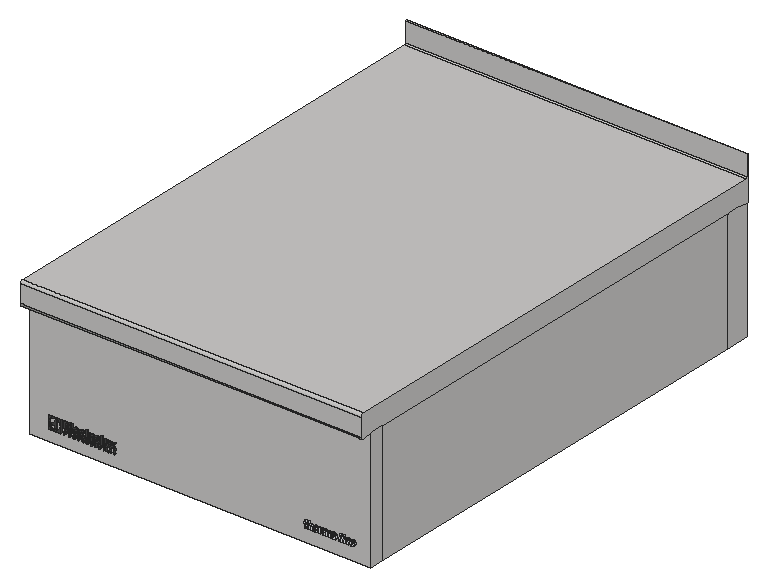
Revit family "QF_ELECTROLUXPROFESSIONAL_588565_MBNABBFOOO", category Attrezzature speciali, Revit 2020
Family settings
  Quota connettore circolare = Usa diametro
  Tipo di parte = Normale
  Basato su piano di lavoro = No
  Sempre verticale = Sì
  Taglio con vuoti quando caricato = No
  Condiviso = No
  Punto di calcolo locali = No
Parameters (values of type "Standard")
  Weight = 20.00 kg
  Watts = 0 W
  Volts = 0 V
  URL Manufacturer = "https://www.electroluxprofessional.com/"
  URL = "https://www.electroluxprofessional.com/"
  Steam Supply Size = 0"
  Steam Supply Minimum Pressure = 0.00 psi
  Steam Supply Maximum Pressure = 0.00 psi
  Steam Consumption per Hour = 0
  Refrigeration Suction Line Size = 0 mm
  Refrigeration Liquid Line Size = 0 mm
  Refrigerant Compressor Remote = yes
  Prospetto di default = 0 mm
  Phase = 0
  Modello = "MBNABBFOOO"
  Produttore = "Electrolux Professional"
  Length Actual = 600 mm  # constant formula
  Item Number = "588565"
  Hot Water Size = 0"
  Height Actual = 250 mm  # constant formula
  HP = "0 HP"
  Gas Size = 0"
  Gas KW = 0
  Gas Input Pressure = 0.0 Btu/h
  Direct Waste Size = 0"
  Descrizione = "WORK TOP,CLOSED,1-S,BACKSPL,600X850X250H"
  Depth Actual = 850 mm  # constant formula
  Cycle = 0 Hz
  Condensate Return Size = 0"
  Compressed Air Volume = 0 GPM
  Compressed Air Size = 0"
  Compressed Air Pressure = 0.00 psi
  Cold Water Size = 0"
  Accessory = yes
Reference planes
  plane 1 "BACK": y = 0
  plane 2: z = 0
  plane 3 "LEFT": x = 0
  plane 4 "RIGHT": x = 600
  plane 5 "FRONT": y = -850
  plane 6 "PLAIN": z = 900
  plane 7 "Center (Left/Right)": x = 300
  plane 8 "Center (Front/Back)": y = -425
  plane 9 "Grill": z = 888
  plane 10 "BASE": z = 650
  plane 11 "TOP": z = 938
  plane 12: x = 485
  plane 13: x = 35
Forms (mm)
  Extrusion 1, solid, material "QF_Finishes_Stainless Steel"
    sketch origin (0, 0, 650) x (0, 1, 0) y (0, 0, 1)
      loop
        line (0, 288) -> (-2, 288) -> (-2, 252)
        arc (-2, 252) -> (-2.586, 250.586) -> (-4, 250) r 2
        line (-4, 250) -> (-845, 250)
        arc (-845, 250) -> (-848.536, 248.536) -> (-850, 245) r 5
        line (-850, 245) -> (-850, 214)
        arc (-850, 214) -> (-848.571, 210.936) -> (-845.305, 210.061) r 4
        line (-845.305, 210.061) -> (-830, 212.969) -> (-20, 212.969) -> (-4.695, 210.061)
        arc (-4.695, 210.061) -> (-1.429, 210.936) -> (0, 214) r 4
        line (0, 214) -> (0, 288)
    from 0 to 600
  Extrusion 2, solid, material "QF_Finishes_Stainless Steel"
    sketch origin (300, 296.4, 1869.2) x (0, 1, 0) y (0, 0, 1)
      loop
        line (-299.4, -1009.461) -> (-316.4, -1006.231) -> (-341.4, -1006.231) -> (-341.4, -1219.2) -> (-299.4, -1219.2) -> (-299.4, -1009.461)
    from -300 to 300
  Extrusion 3, solid, material "QF_Finishes_Stainless Steel"
    sketch origin (0, 0, 650) x (0, 1, 0) y (0, 0, 1)
      loop
        line (-45, 212.969) -> (-805, 212.969) -> (-805, 0) -> (-45, 0) -> (-45, 212.969)
    from 0 to 600
  Extrusion 4, solid, material "QF_Finishes_Stainless Steel"
    sketch origin (0, 0, 0) x (0, 1, 0) y (0, 0, 1)
      loop
        line (-805, 862.969) -> (-830, 862.969) -> (-830, 650) -> (-805, 650) -> (-805, 862.969)
    from 0 to 600
Lines and regions (mm)
  symbolic lines
    curve 1: line (0, -850, 0) -> (0, 0, 0)
    curve 2: line (0, -850, 888) -> (600, -850, 888)
    curve 3: line (600, 0, 888) -> (0, 0, 888)
    curve 4: line (600, -850, 888) -> (600, 0, 888)
    curve 5: line (600, -2, 888) -> (0, -2, 888)
Dimensions and locks
  plane 3 "LEFT" to plane 4 "RIGHT" = 600 mm
  plane 5 "FRONT" to plane 1 "BACK" = 850 mm
  equal spacing: plane 3 "LEFT", plane 7 "Center (Left/Right)", plane 4 "RIGHT"
  equal spacing: plane 5 "FRONT", plane 8 "Center (Front/Back)", plane 1 "BACK"
  locked: plane 6 "PLAIN" to level at 900
  plane 6 "PLAIN" to plane 10 "BASE" = 250 mm
  plane 11 "TOP" to plane 6 "PLAIN" = 38 mm
  locked: plane 12 to plane 4 "RIGHT" at 115
  plane 13 to plane 3 "LEFT" = 35 mm
  aligned and locked: level to plane 2
  aligned and locked: Extrusion 4 to plane 3 "LEFT"
  aligned and locked: Extrusion 4 to plane 4 "RIGHT"
  aligned and locked: plane 3 "LEFT" to Extrusion 2
  aligned and locked: Extrusion 2 to plane 4 "RIGHT"
  aligned and locked: Extrusion 3 to plane 4 "RIGHT"
  aligned and locked: Extrusion 3 to plane 3 "LEFT"
  aligned and locked: Extrusion 1 to plane 3 "LEFT"
  aligned and locked: Extrusion 1 to plane 4 "RIGHT"
  aligned and locked: nested 1 to plane 12
Automatic sketch dimensions
  plane 1 "BACK" to curve 1 = 0 mm
  curve 1 to plane 3 "LEFT" = 0 mm
  plane 5 "FRONT" to curve 1 = 0 mm
  Extrusion 1 sketch curve to plane 5 "FRONT" = 0 mm
  Extrusion 1 sketch curve to plane 6 "PLAIN" = 0 mm
  Extrusion 1 sketch curve to plane 11 "TOP" = 0 mm
  Extrusion 1 sketch curve to plane 1 "BACK" = 0 mm
  Extrusion 1 sketch curve to Extrusion 1 sketch curve = 4 mm
  Extrusion 1 sketch curve to Extrusion 1 sketch curve = 0.695 mm
  Extrusion 1 sketch curve to Extrusion 1 sketch curve = 5 mm
  Extrusion 1 sketch curve to Extrusion 1 sketch curve = 15.305 mm
  plane 1 "BACK" to Extrusion 1 sketch curve = 20 mm
  plane 1 "BACK" to Extrusion 1 sketch curve = 4.695 mm
  plane 1 "BACK" to Extrusion 1 sketch curve = 4 mm  (x2)
  plane 1 "BACK" to Extrusion 1 sketch curve = 2 mm
  Extrusion 1 sketch curve to plane 9 "Grill" = 24 mm  (x2)
  Extrusion 1 sketch curve to Extrusion 1 sketch curve = 2.909 mm
  Extrusion 2 sketch curve to plane 10 "BASE" = 0 mm
  plane 1 "BACK" to Extrusion 2 sketch curve = 45 mm
  plane 1 "BACK" to Extrusion 2 sketch curve = 20 mm
  plane 1 "BACK" to Extrusion 2 sketch curve = 3 mm
  Extrusion 2 sketch curve to plane 9 "Grill" = 28.261 mm
  Extrusion 2 sketch curve to plane 9 "Grill" = 25.031 mm
  Extrusion 3 sketch curve to plane 10 "BASE" = 0 mm
  Extrusion 3 sketch curve to plane 5 "FRONT" = 45 mm
  plane 1 "BACK" to Extrusion 3 sketch curve = 45 mm
  Extrusion 3 sketch curve to plane 9 "Grill" = 25.031 mm
  curve 2 to plane 4 "RIGHT" = 0 mm
  plane 5 "FRONT" to curve 2 = 0 mm
  curve 5 to plane 3 "LEFT" = 0 mm
  plane 1 "BACK" to curve 4 = 0 mm
  curve 3 to plane 3 "LEFT" = 0 mm
  curve 2 to plane 3 "LEFT" = 0 mm
  curve 5 to curve 3 = 2 mm
  Extrusion 4 sketch curve to plane 10 "BASE" = 0 mm
  Extrusion 4 sketch curve to plane 5 "FRONT" = 20 mm
  Extrusion 4 sketch curve to Extrusion 4 sketch curve = 25 mm
  Extrusion 4 sketch curve to plane 9 "Grill" = 25.031 mm
Nested families
  nested 1: "ELX_ThermaLine_Small" at (524.867, -830, 680) x (1, 0, 0) z (0, -1, 0), type "ELX_ThermaLine_Small"
    with Show Logo yes, Material_Logo QF_Finishes_Black
  nested 2: "ELX_Professional_Logo_Small" at (94.486, -830, 682.232) x (1, 0, 0) z (0, -1, 0), type "ELX_Professional_Logo_Small"
    with Show Logo yes, Material_Logo QF_Finishes_Black
Definition of nested family "ELX_ThermaLine_Small"
  Parameters
    Show Logo [instance] = yes
    Material_Logo [instance] = none
    Default Elevation = 0 mm
  Reference planes
    plane 1 "Centro (Fronte/Retro)": y = 0
    plane 2: z = 0
    plane 3 "Centro (Sinistra/Destra)": x = 0
  Forms (mm)
    Extrusion 1, solid
      sketch origin (0, 0, 0) x (1, 0, 0) y (0, 1, 0)
        loop
          line (-1219.2, 1219.2) -> (-1219.2, -1219.2) -> (1219.2, -1219.2) -> (1219.2, 1219.2) -> (-1219.2, 1219.2)
      from 0 to -304.8
    Extrusion 2, solid
      sketch origin (0, 0, 0) x (1, 0, 0) y (0, 1, 0)
        loop
          line (-37.494, 1.229) -> (-35.908, 1.229) -> (-35.908, 3.066) -> (-37.494, 3.066) -> (-37.494, 6.221) -> (-39.867, 4.881) -> (-39.867, 3.066) -> (-40.969, 3.066) -> (-40.969, 1.229) -> (-39.867, 1.229) -> (-39.867, -3.407)
          arc (-39.867, -3.407) -> (-38.982, -5.513) -> (-36.751, -6.001) r 2.478
          line (-36.751, -6.001) -> (-35.638, -5.7) -> (-35.9, -3.835) -> (-36.661, -4.039)
          arc (-36.661, -4.039) -> (-37.236, -3.924) -> (-37.494, -3.399) r 0.662
          line (-37.494, -3.399) -> (-37.494, 1.229)
        loop
          line (-34.242, 6.539) -> (-34.242, -5.848) -> (-31.854, -5.848) -> (-31.854, -0.078)
          arc (-31.854, -0.078) -> (-30.939, 1.249) -> (-29.33, 1.367) r 1.866
          arc (-29.33, 1.367) -> (-28.695, 0.768) -> (-28.461, -0.073) r 1.627
          line (-28.461, -0.073) -> (-28.461, -5.848) -> (-26.086, -5.848) -> (-26.064, -0.46)
          arc (-26.064, -0.46) -> (-26.261, 0.932) -> (-26.786, 2.237) r 5.825
          arc (-26.786, 2.237) -> (-29.381, 3.264) -> (-31.854, 1.971) r 3.353
          line (-31.854, 1.971) -> (-31.854, 6.539) -> (-34.242, 6.539)
        loop
          arc (-18.398, -0.598) -> (-18.893, 0.879) -> (-20.326, 1.487) r 1.897
          arc (-20.326, 1.487) -> (-21.461, 0.708) -> (-21.897, -0.598) r 2.164
          line (-21.897, -0.598) -> (-18.398, -0.598)
        loop
          arc (-16.021, -2.044) -> (-16.754, 1.227) -> (-19.444, 3.226) r 4.814
          arc (-19.444, 3.226) -> (-22.137, 2.788) -> (-23.943, 0.743) r 4.054
          arc (-23.943, 0.743) -> (-24.382, -1.249) -> (-24.162, -3.276) r 6.289
          arc (-24.162, -3.276) -> (-23.302, -4.71) -> (-21.958, -5.705) r 4.28
          arc (-21.958, -5.705) -> (-18.558, -5.814) -> (-16.152, -3.409) r 4.28
          line (-16.152, -3.409) -> (-18.5, -2.995)
          arc (-18.5, -2.995) -> (-19.273, -3.994) -> (-20.533, -4.076) r 1.536
          arc (-20.533, -4.076) -> (-21.56, -3.281) -> (-21.958, -2.044) r 2.197
          line (-21.958, -2.044) -> (-16.021, -2.044)
        loop
          line (-14.165, -5.848) -> (-11.819, -5.848) -> (-11.819, -2.138)
          arc (-11.819, -2.138) -> (-11.787, -1.156) -> (-11.637, -0.185) r 8.18
          arc (-11.637, -0.185) -> (-10.644, 0.972) -> (-9.132, 0.776) r 1.603
          line (-9.132, 0.776) -> (-8.419, 2.846)
          arc (-8.419, 2.846) -> (-10.432, 3.118) -> (-11.994, 1.821) r 2.527
          line (-11.994, 1.821) -> (-11.994, 3.094) -> (-14.165, 3.094) -> (-14.165, -5.848)
        loop
          line (-7.579, 3.094) -> (-7.579, -5.848) -> (-5.178, -5.848) -> (-5.178, -0.756)
          arc (-5.178, -0.756) -> (-4.727, 0.679) -> (-3.417, 1.419) r 2.05
          arc (-3.417, 1.419) -> (-2.499, 0.908) -> (-2.155, -0.085) r 1.471
          line (-2.155, -0.085) -> (-2.155, -5.848) -> (0.23, -5.848) -> (0.23, -1.001)
          arc (0.23, -1.001) -> (0.47, 0.127) -> (1.148, 1.061) r 2.775
          arc (1.148, 1.061) -> (2.225, 1.329) -> (3.05, 0.587) r 1.182
          arc (3.05, 0.587) -> (3.199, -0.019) -> (3.214, -0.642) r 2.894
          line (3.214, -0.642) -> (3.214, -5.848) -> (5.601, -5.848) -> (5.601, 0.261)
          arc (5.601, 0.261) -> (4.87, 2.263) -> (2.976, 3.241) r 2.932
          arc (2.976, 3.241) -> (1.284, 2.973) -> (-0.047, 1.896) r 3.309
          arc (-0.047, 1.896) -> (-1.116, 2.865) -> (-2.506, 3.258) r 3.16
          arc (-2.506, 3.258) -> (-4.105, 2.942) -> (-5.376, 1.92) r 3.419
          line (-5.376, 1.92) -> (-5.376, 3.094) -> (-7.579, 3.094)
        loop
          line (7.583, 0.738) -> (9.702, 0.364)
          arc (9.702, 0.364) -> (11.441, 1.492) -> (12.855, -0.023) r 1.613
          line (12.855, -0.023) -> (9.782, -0.789)
          arc (9.782, -0.789) -> (8.559, -1.346) -> (7.617, -2.305) r 3.687
          arc (7.617, -2.305) -> (7.499, -3.681) -> (7.901, -5.003) r 3.651
          arc (7.901, -5.003) -> (9.107, -5.766) -> (10.515, -6.006) r 3.635
          arc (10.515, -6.006) -> (11.898, -5.697) -> (13.067, -4.895) r 3.734
          line (13.067, -4.895) -> (13.376, -5.848) -> (15.75, -5.848) -> (15.212, -4.193) -> (15.212, 0.38)
          arc (15.212, 0.38) -> (14.897, 1.849) -> (13.818, 2.895) r 2.585
          arc (13.818, 2.895) -> (11.792, 3.442) -> (9.719, 3.11) r 5.005
          arc (9.719, 3.11) -> (8.369, 2.178) -> (7.583, 0.738) r 3.54
        loop
          line (19.723, -5.848) -> (22.233, -5.848) -> (24.854, 6.484) -> (22.345, 6.484) -> (19.723, -5.848)
        loop
          line (24.583, -5.848) -> (26.953, -5.848) -> (28.848, 3.066) -> (26.478, 3.066) -> (24.583, -5.848)
        loop
          line (27.204, 6.484) -> (26.741, 4.305) -> (29.111, 4.305) -> (29.575, 6.484) -> (27.204, 6.484)
        loop
          line (29.355, -5.848) -> (31.849, -5.848) -> (33.098, 0.028)
          arc (33.098, 0.028) -> (34.169, 1.306) -> (35.832, 1.422) r 2.132
          arc (35.832, 1.422) -> (36.324, 0.752) -> (36.383, -0.078) r 1.5
          line (36.383, -0.078) -> (35.157, -5.848) -> (37.536, -5.848) -> (38.936, 0.738)
          arc (38.936, 0.738) -> (38.775, 2.091) -> (37.825, 3.066) r 2.118
          arc (37.825, 3.066) -> (35.392, 3.175) -> (33.295, 1.937) r 4.271
          line (33.295, 1.937) -> (33.535, 3.066) -> (31.25, 3.066) -> (29.355, -5.848)
        loop
          line (42.792, -0.64) -> (46.589, -0.64)
          arc (46.589, -0.64) -> (46.639, 0.124) -> (46.327, 0.823) r 1.589
          arc (46.327, 0.823) -> (45.117, 1.521) -> (43.762, 1.183) r 1.865
          arc (43.762, 1.183) -> (43.141, 0.344) -> (42.792, -0.64) r 3.538
        loop
          line (42.565, -2.138) -> (48.593, -2.138)
          arc (48.593, -2.138) -> (48.58, 0.597) -> (46.983, 2.818) r 4.494
          arc (46.983, 2.818) -> (44.191, 3.28) -> (41.725, 1.891) r 4.26
          arc (41.725, 1.891) -> (40.503, -0.3) -> (40.284, -2.799) r 6.003
          arc (40.284, -2.799) -> (40.959, -4.468) -> (42.377, -5.576) r 3.482
          arc (42.377, -5.576) -> (44.265, -5.961) -> (46.152, -5.576) r 4.823
          arc (46.152, -5.576) -> (47.432, -4.731) -> (48.328, -3.485) r 4.245
          line (48.328, -3.485) -> (46.168, -3.105)
          arc (46.168, -3.105) -> (45.214, -4.072) -> (43.859, -4.181) r 1.953
          arc (43.859, -4.181) -> (42.821, -3.408) -> (42.565, -2.138) r 1.81
        loop
          line (12.868, -1.553) -> (10.216, -2.214)
          arc (10.216, -2.214) -> (9.747, -3.136) -> (10.216, -4.058) r 1.14
          arc (10.216, -4.058) -> (11.537, -4.249) -> (12.614, -3.46) r 1.763
          arc (12.614, -3.46) -> (12.858, -2.522) -> (12.868, -1.553) r 3.97
      from 0 to 1.6
  Dimensions and locks
    aligned and locked: plane 2 to Extrusion 1
    aligned and locked: level to Extrusion 1
Definition of nested family "ELX_Professional_Logo_Small"
  Parameters
    Show Logo [instance] = yes
    Material_Logo [instance] = none
    Default Elevation = 0 mm
  Reference planes
    plane 1 "Centro (Fronte/Retro)": y = 0
    plane 2: z = 0
    plane 3 "Centro (Sinistra/Destra)": x = 0
  Forms (mm)
    Extrusion 1, solid
      sketch origin (0, 0, 0) x (1, 0, 0) y (0, 1, 0)
        loop
          line (-1219.2, 1219.2) -> (-1219.2, -1219.2) -> (1219.2, -1219.2) -> (1219.2, 1219.2) -> (-1219.2, 1219.2)
      from 0 to -304.8
    Extrusion 2, solid, material <- "Material_Logo"
      sketch origin (15.5, 0, 0) x (1, 0, 0) y (0, 1, 0)
        loop
          spline (-42.99, -1.24) -> (-43.195, -1.231) -> (-43.415, -1.203) -> (-43.642, -1.152) -> (-43.87, -1.074) -> (-44.095, -0.966) -> (-44.309, -0.825) -> (-44.506, -0.647) -> (-44.681, -0.429) -> (-44.828, -0.167) -> (-44.94, 0.142) -> (-45.011, 0.501) -> (-45.037, 0.915)
          line (-45.037, 0.915) -> (-45.037, 2.748) -> (-38.984, 2.748) -> (-38.984, 5.086) -> (-45.038, 5.086) -> (-45.038, 8.489) -> (-38.599, 8.489) -> (-38.599, 10.82) -> (-47.515, 10.82) -> (-47.515, 1.021)
          spline (-47.515, 1.021) -> (-47.493, 0.418) -> (-47.425, -0.15) -> (-47.311, -0.682) -> (-47.15, -1.175) -> (-46.939, -1.628) -> (-46.678, -2.038) -> (-46.365, -2.404) -> (-46, -2.723) -> (-45.58, -2.995) -> (-45.105, -3.216) -> (-44.573, -3.385) -> (-43.983, -3.499)
          line (-43.983, -3.499) -> (-43.01, -3.569) -> (-38.426, -3.569) -> (-38.426, -1.24) -> (-42.99, -1.24)
        loop
          line (-36.666, 4.021) -> (-36.666, -3.573) -> (-34.188, -3.573) -> (-34.188, 10.824) -> (-36.666, 10.824) -> (-36.666, 4.021)
        loop
          spline (-21.915, 1.897) -> (-21.957, 2.615) -> (-22.082, 3.303) -> (-22.285, 3.955) -> (-22.563, 4.564) -> (-22.913, 5.124) -> (-23.331, 5.629) -> (-23.814, 6.074) -> (-24.359, 6.451) -> (-24.961, 6.755) -> (-25.618, 6.98) -> (-26.326, 7.119) -> (-27.081, 7.167)
          spline (-27.081, 7.167) -> (-27.853, 7.122) -> (-28.586, 6.99) -> (-29.275, 6.774) -> (-29.915, 6.478) -> (-30.5, 6.104) -> (-31.024, 5.657) -> (-31.483, 5.138) -> (-31.871, 4.553) -> (-32.182, 3.904) -> (-32.411, 3.194) -> (-32.552, 2.427) -> (-32.6, 1.606)
          spline (-32.6, 1.606) -> (-32.553, 0.805) -> (-32.416, 0.057) -> (-32.193, -0.637) -> (-31.887, -1.271) -> (-31.504, -1.843) -> (-31.048, -2.35) -> (-30.523, -2.788) -> (-29.934, -3.154) -> (-29.284, -3.444) -> (-28.579, -3.656) -> (-27.822, -3.785) -> (-27.019, -3.829)
          spline (-27.019, -3.829) -> (-26.627, -3.82) -> (-26.239, -3.79) -> (-25.856, -3.739) -> (-25.477, -3.663) -> (-25.103, -3.562) -> (-24.734, -3.432) -> (-24.369, -3.273) -> (-24.01, -3.082) -> (-23.655, -2.858) -> (-23.305, -2.597) -> (-22.96, -2.299) -> (-22.621, -1.962)
          line (-22.621, -1.962) -> (-24.114, -0.509)
          spline (-24.114, -0.509) -> (-24.311, -0.699) -> (-24.509, -0.872) -> (-24.71, -1.03) -> (-24.915, -1.172) -> (-25.126, -1.297) -> (-25.346, -1.407) -> (-25.576, -1.5) -> (-25.817, -1.576) -> (-26.072, -1.636) -> (-26.342, -1.678) -> (-26.629, -1.704) -> (-26.936, -1.713)
          spline (-26.936, -1.713) -> (-27.384, -1.691) -> (-27.805, -1.625) -> (-28.196, -1.518) -> (-28.556, -1.372) -> (-28.882, -1.187) -> (-29.174, -0.966) -> (-29.429, -0.71) -> (-29.645, -0.422) -> (-29.821, -0.102) -> (-29.955, 0.247) -> (-30.045, 0.623) -> (-30.089, 1.026)
          line (-30.089, 1.026) -> (-21.956, 1.026) -> (-21.915, 1.897)
        loop
          spline (-24.446, 2.769) -> (-24.47, 3.075) -> (-24.54, 3.37) -> (-24.654, 3.65) -> (-24.807, 3.913) -> (-24.996, 4.156) -> (-25.219, 4.376) -> (-25.472, 4.57) -> (-25.753, 4.736) -> (-26.057, 4.869) -> (-26.382, 4.968) -> (-26.724, 5.03) -> (-27.081, 5.051)
          spline (-27.081, 5.051) -> (-27.464, 5.03) -> (-27.832, 4.97) -> (-28.183, 4.872) -> (-28.513, 4.74) -> (-28.819, 4.577) -> (-29.099, 4.384) -> (-29.347, 4.165) -> (-29.563, 3.923) -> (-29.742, 3.659) -> (-29.881, 3.377) -> (-29.977, 3.079) -> (-30.027, 2.769)
          line (-30.027, 2.769) -> (-24.446, 2.769)
        loop
          spline (-18.167, 1.669) -> (-18.138, 2.13) -> (-18.055, 2.567) -> (-17.921, 2.978) -> (-17.739, 3.358) -> (-17.512, 3.705) -> (-17.243, 4.016) -> (-16.937, 4.287) -> (-16.596, 4.517) -> (-16.223, 4.7) -> (-15.823, 4.835) -> (-15.398, 4.919) -> (-14.951, 4.947)
          spline (-14.951, 4.947) -> (-14.677, 4.938) -> (-14.414, 4.913) -> (-14.162, 4.871) -> (-13.921, 4.812) -> (-13.69, 4.738) -> (-13.467, 4.649) -> (-13.254, 4.544) -> (-13.048, 4.424) -> (-12.85, 4.291) -> (-12.659, 4.143) -> (-12.474, 3.981) -> (-12.295, 3.806)
          line (-12.295, 3.806) -> (-10.76, 5.403)
          spline (-10.76, 5.403) -> (-11.065, 5.709) -> (-11.38, 5.984) -> (-11.703, 6.228) -> (-12.035, 6.443) -> (-12.375, 6.63) -> (-12.723, 6.788) -> (-13.078, 6.92) -> (-13.44, 7.026) -> (-13.809, 7.107) -> (-14.184, 7.164) -> (-14.564, 7.198) -> (-14.951, 7.209)
          spline (-14.951, 7.209) -> (-15.725, 7.161) -> (-16.467, 7.02) -> (-17.169, 6.792) -> (-17.826, 6.482) -> (-18.43, 6.096) -> (-18.976, 5.637) -> (-19.455, 5.112) -> (-19.862, 4.525) -> (-20.19, 3.882) -> (-20.433, 3.189) -> (-20.584, 2.449) -> (-20.635, 1.669)
          spline (-20.635, 1.669) -> (-20.584, 0.889) -> (-20.433, 0.149) -> (-20.19, -0.545) -> (-19.862, -1.187) -> (-19.455, -1.774) -> (-18.976, -2.299) -> (-18.43, -2.758) -> (-17.826, -3.145) -> (-17.169, -3.454) -> (-16.467, -3.682) -> (-15.725, -3.823) -> (-14.951, -3.871)
          spline (-14.951, -3.871) -> (-14.564, -3.86) -> (-14.184, -3.826) -> (-13.809, -3.77) -> (-13.44, -3.689) -> (-13.078, -3.583) -> (-12.723, -3.451) -> (-12.375, -3.292) -> (-12.035, -3.105) -> (-11.703, -2.89) -> (-11.38, -2.646) -> (-11.065, -2.371) -> (-10.76, -2.066)
          line (-10.76, -2.066) -> (-12.295, -0.468)
          spline (-12.295, -0.468) -> (-12.474, -0.643) -> (-12.659, -0.805) -> (-12.85, -0.953) -> (-13.048, -1.087) -> (-13.254, -1.206) -> (-13.467, -1.311) -> (-13.69, -1.4) -> (-13.921, -1.475) -> (-14.162, -1.533) -> (-14.414, -1.575) -> (-14.677, -1.6) -> (-14.951, -1.609)
          spline (-14.951, -1.609) -> (-15.398, -1.581) -> (-15.823, -1.497) -> (-16.223, -1.362) -> (-16.596, -1.179) -> (-16.937, -0.95) -> (-17.243, -0.678) -> (-17.512, -0.367) -> (-17.739, -0.02) -> (-17.921, 0.36) -> (-18.055, 0.771) -> (-18.138, 1.208) -> (-18.167, 1.669)
        loop
          spline (-4.441, -1.243) -> (-4.659, -1.247) -> (-4.894, -1.23) -> (-5.137, -1.19) -> (-5.384, -1.121) -> (-5.628, -1.021) -> (-5.864, -0.884) -> (-6.084, -0.708) -> (-6.283, -0.488) -> (-6.454, -0.219) -> (-6.592, 0.101) -> (-6.69, 0.478) -> (-6.742, 0.914)
          line (-6.742, 0.914) -> (-6.742, 4.587) -> (-4.487, 4.587) -> (-4.487, 6.838) -> (-6.738, 6.838) -> (-6.738, 10.824) -> (-9.217, 10.824) -> (-9.217, 0.773)
          spline (-9.217, 0.773) -> (-9.164, 0.19) -> (-9.068, -0.358) -> (-8.928, -0.87) -> (-8.742, -1.343) -> (-8.511, -1.777) -> (-8.232, -2.168) -> (-7.904, -2.515) -> (-7.527, -2.816) -> (-7.098, -3.069) -> (-6.618, -3.273) -> (-6.084, -3.426) -> (-5.496, -3.525)
          line (-5.496, -3.525) -> (-4.45, -3.573) -> (-4.441, -1.243)
        loop
          spline (3.898, 6.983) -> (3.469, 7.009) -> (3.056, 7.001) -> (2.661, 6.961) -> (2.283, 6.888) -> (1.925, 6.785) -> (1.588, 6.652) -> (1.272, 6.49) -> (0.979, 6.301) -> (0.71, 6.085) -> (0.465, 5.844) -> (0.247, 5.578) -> (0.056, 5.289)
          line (0.056, 5.289) -> (0.056, 6.838) -> (-2.402, 6.838) -> (-2.402, -3.572) -> (0.056, -3.572) -> (0.056, 1.901)
          spline (0.056, 1.901) -> (0.079, 2.316) -> (0.145, 2.703) -> (0.254, 3.06) -> (0.404, 3.386) -> (0.592, 3.679) -> (0.818, 3.938) -> (1.08, 4.162) -> (1.375, 4.348) -> (1.703, 4.495) -> (2.062, 4.602) -> (2.45, 4.668) -> (2.865, 4.69)
          line (2.865, 4.69) -> (3.898, 4.586) -> (3.898, 6.983)
        loop
          spline (15.638, 1.633) -> (15.586, 2.396) -> (15.435, 3.124) -> (15.192, 3.81) -> (14.863, 4.449) -> (14.455, 5.034) -> (13.975, 5.56) -> (13.43, 6.021) -> (12.826, 6.411) -> (12.17, 6.724) -> (11.469, 6.955) -> (10.729, 7.098) -> (9.958, 7.147)
          spline (9.958, 7.147) -> (9.182, 7.098) -> (8.44, 6.955) -> (7.737, 6.724) -> (7.081, 6.411) -> (6.477, 6.021) -> (5.933, 5.56) -> (5.454, 5.034) -> (5.048, 4.449) -> (4.721, 3.81) -> (4.479, 3.124) -> (4.329, 2.396) -> (4.277, 1.633)
          spline (4.277, 1.633) -> (4.329, 0.869) -> (4.479, 0.141) -> (4.721, -0.544) -> (5.048, -1.183) -> (5.454, -1.768) -> (5.933, -2.294) -> (6.477, -2.755) -> (7.081, -3.145) -> (7.737, -3.459) -> (8.44, -3.69) -> (9.182, -3.833) -> (9.958, -3.882)
          spline (9.958, -3.882) -> (10.729, -3.833) -> (11.469, -3.69) -> (12.17, -3.459) -> (12.826, -3.145) -> (13.43, -2.755) -> (13.975, -2.294) -> (14.455, -1.768) -> (14.863, -1.183) -> (15.192, -0.544) -> (15.435, 0.141) -> (15.586, 0.869) -> (15.638, 1.633)
        loop
          spline (13.18, 1.633) -> (13.151, 2.083) -> (13.067, 2.513) -> (12.932, 2.918) -> (12.748, 3.296) -> (12.52, 3.642) -> (12.251, 3.954) -> (11.943, 4.227) -> (11.601, 4.459) -> (11.228, 4.645) -> (10.828, 4.782) -> (10.403, 4.867) -> (9.958, 4.896)
          spline (9.958, 4.896) -> (9.509, 4.867) -> (9.081, 4.782) -> (8.679, 4.645) -> (8.306, 4.459) -> (7.964, 4.227) -> (7.658, 3.954) -> (7.39, 3.642) -> (7.163, 3.296) -> (6.981, 2.918) -> (6.847, 2.513) -> (6.765, 2.083) -> (6.736, 1.633)
          spline (6.736, 1.633) -> (6.765, 1.182) -> (6.847, 0.753) -> (6.981, 0.347) -> (7.163, -0.031) -> (7.39, -0.377) -> (7.658, -0.689) -> (7.964, -0.962) -> (8.306, -1.193) -> (8.679, -1.38) -> (9.081, -1.517) -> (9.509, -1.602) -> (9.958, -1.631)
          spline (9.958, -1.631) -> (10.403, -1.602) -> (10.828, -1.517) -> (11.228, -1.38) -> (11.601, -1.193) -> (11.943, -0.962) -> (12.251, -0.689) -> (12.52, -0.377) -> (12.748, -0.031) -> (12.932, 0.347) -> (13.067, 0.753) -> (13.151, 1.182) -> (13.18, 1.633)
        loop
          line (17.162, 4.269) -> (17.162, -3.573) -> (19.642, -3.573) -> (19.642, 10.824) -> (17.162, 10.824) -> (17.162, 4.269)
        loop
          line (28.581, 6.838) -> (28.581, 0.786)
          spline (28.581, 0.786) -> (28.561, 0.393) -> (28.503, 0.038) -> (28.409, -0.279) -> (28.281, -0.559) -> (28.122, -0.802) -> (27.933, -1.011) -> (27.717, -1.185) -> (27.476, -1.325) -> (27.213, -1.433) -> (26.929, -1.509) -> (26.626, -1.554) -> (26.308, -1.569)
          spline (26.308, -1.569) -> (25.99, -1.554) -> (25.688, -1.509) -> (25.404, -1.434) -> (25.141, -1.326) -> (24.9, -1.187) -> (24.684, -1.014) -> (24.496, -0.807) -> (24.336, -0.565) -> (24.209, -0.288) -> (24.115, 0.026) -> (24.057, 0.376) -> (24.037, 0.765)
          line (24.037, 0.765) -> (24.037, 6.838) -> (21.537, 6.838) -> (21.537, 0.558)
          spline (21.537, 0.558) -> (21.581, -0.153) -> (21.71, -0.8) -> (21.916, -1.384) -> (22.195, -1.904) -> (22.54, -2.362) -> (22.944, -2.757) -> (23.403, -3.09) -> (23.909, -3.362) -> (24.456, -3.572) -> (25.04, -3.722) -> (25.652, -3.811) -> (26.288, -3.841)
          spline (26.288, -3.841) -> (26.929, -3.811) -> (27.547, -3.72) -> (28.135, -3.568) -> (28.687, -3.355) -> (29.197, -3.079) -> (29.66, -2.741) -> (30.068, -2.341) -> (30.415, -1.877) -> (30.696, -1.349) -> (30.905, -0.757) -> (31.034, -0.101) -> (31.079, 0.621)
          line (31.079, 0.621) -> (31.079, 6.838) -> (28.581, 6.838)
        loop
          line (40.457, -0.243) -> (38.894, 1.942) -> (40.83, 4.579) -> (42.488, 6.837) -> (39.782, 6.837) -> (37.53, 3.719) -> (35.258, 6.837) -> (32.573, 6.837) -> (34.113, 4.731) -> (36.167, 1.922) -> (34.014, -1.076) -> (32.222, -3.573) -> (34.887, -3.573) -> (37.53, 0.104) -> (40.174, -3.573) -> (42.839, -3.573) -> (40.457, -0.243)
        loop
          line (-46.121, -5.837) -> (-48.039, -5.837) -> (-48.039, -10.814) -> (-47.016, -10.814) -> (-47.016, -9.128) -> (-46.121, -9.128)
          arc (-46.121, -9.128) -> (-44.476, -7.482) -> (-46.121, -5.837) r 1.645
        loop
          line (-46.163, -6.778) -> (-47.016, -6.778) -> (-47.016, -8.187) -> (-46.163, -8.187)
          arc (-46.163, -8.187) -> (-45.458, -7.482) -> (-46.163, -6.778) r 0.704
        loop
          line (-38.313, -5.837) -> (-40.265, -5.837) -> (-40.265, -10.814) -> (-39.241, -10.814) -> (-39.241, -9.1) -> (-38.46, -9.182) -> (-37.48, -10.814) -> (-36.318, -10.814) -> (-37.513, -8.848)
          arc (-37.513, -8.848) -> (-36.888, -8.266) -> (-36.671, -7.441) r 1.536
          arc (-36.671, -7.441) -> (-37.165, -6.305) -> (-38.313, -5.837) r 1.643
        loop
          arc (-38.402, -8.166) -> (-37.707, -7.505) -> (-38.334, -6.778) r 0.696
          line (-38.334, -6.778) -> (-39.241, -6.778) -> (-39.241, -8.166) -> (-38.402, -8.166)
        loop
          circle (-29.965, -8.325) r 2.585
        loop
          circle (-29.965, -8.325) r 1.64
        loop
          line (-23.1, -5.837) -> (-23.1, -10.814) -> (-22.076, -10.814) -> (-22.076, -8.768) -> (-20.204, -8.768) -> (-20.204, -7.828) -> (-22.076, -7.828) -> (-22.076, -6.778) -> (-20.024, -6.778) -> (-20.024, -5.837) -> (-23.1, -5.837)
        loop
          line (-15.802, -5.837) -> (-15.802, -9.2)
          arc (-15.802, -9.2) -> (-15.343, -10.34) -> (-14.209, -10.814) r 1.593
          line (-14.209, -10.814) -> (-12.602, -10.814) -> (-12.602, -10.027) -> (-14.004, -10.027)
          arc (-14.004, -10.027) -> (-14.552, -9.8) -> (-14.779, -9.252) r 0.775
          line (-14.779, -9.252) -> (-14.779, -8.424) -> (-12.789, -8.424) -> (-12.789, -7.642) -> (-14.779, -7.642) -> (-14.779, -6.778) -> (-12.651, -6.778) -> (-12.651, -5.837) -> (-15.802, -5.837)
        loop
          line (-5.909, -7.143) -> (-5.173, -6.638)
          arc (-5.173, -6.638) -> (-5.855, -5.974) -> (-6.781, -5.755) r 1.782
          arc (-6.781, -5.755) -> (-7.397, -5.878) -> (-7.944, -6.189) r 1.974
          arc (-7.944, -6.189) -> (-8.202, -6.5) -> (-8.317, -6.888) r 1.013
          arc (-8.317, -6.888) -> (-8.306, -7.341) -> (-8.192, -7.78) r 1.985
          arc (-8.192, -7.78) -> (-7.749, -8.259) -> (-7.171, -8.563) r 1.928
          arc (-7.171, -8.563) -> (-6.637, -8.779) -> (-6.131, -9.056) r 5.041
          arc (-6.131, -9.056) -> (-5.934, -9.387) -> (-6.09, -9.74) r 0.42
          arc (-6.09, -9.74) -> (-6.631, -9.96) -> (-7.204, -9.845) r 1.016
          arc (-7.204, -9.845) -> (-7.625, -9.603) -> (-7.889, -9.196) r 1.033
          line (-7.889, -9.196) -> (-8.67, -9.686)
          arc (-8.67, -9.686) -> (-8.361, -10.198) -> (-7.908, -10.589) r 1.914
          arc (-7.908, -10.589) -> (-7.334, -10.834) -> (-6.714, -10.896) r 2.063
          arc (-6.714, -10.896) -> (-5.947, -10.743) -> (-5.256, -10.376) r 2.696
          arc (-5.256, -10.376) -> (-4.95, -9.565) -> (-5.108, -8.712) r 1.618
          arc (-5.108, -8.712) -> (-5.448, -8.319) -> (-5.884, -8.035) r 1.876
          arc (-5.884, -8.035) -> (-6.434, -7.789) -> (-6.999, -7.577) r 9.883
          arc (-6.999, -7.577) -> (-7.325, -7.07) -> (-6.854, -6.694) r 0.45
          arc (-6.854, -6.694) -> (-6.329, -6.809) -> (-5.909, -7.143) r 1.197
        loop
          line (1.61, -7.143) -> (2.345, -6.638)
          arc (2.345, -6.638) -> (1.663, -5.974) -> (0.737, -5.755) r 1.782
          arc (0.737, -5.755) -> (0.121, -5.878) -> (-0.425, -6.189) r 1.974
          arc (-0.425, -6.189) -> (-0.683, -6.5) -> (-0.799, -6.888) r 1.013
          arc (-0.799, -6.888) -> (-0.788, -7.341) -> (-0.674, -7.78) r 1.985
          arc (-0.674, -7.78) -> (-0.231, -8.259) -> (0.347, -8.563) r 1.928
          arc (0.347, -8.563) -> (0.881, -8.779) -> (1.387, -9.056) r 5.041
          arc (1.387, -9.056) -> (1.584, -9.387) -> (1.428, -9.74) r 0.42
          arc (1.428, -9.74) -> (0.887, -9.96) -> (0.314, -9.845) r 1.016
          arc (0.314, -9.845) -> (-0.107, -9.603) -> (-0.371, -9.196) r 1.033
          line (-0.371, -9.196) -> (-1.152, -9.686)
          arc (-1.152, -9.686) -> (-0.842, -10.198) -> (-0.39, -10.589) r 1.914
          arc (-0.39, -10.589) -> (0.184, -10.834) -> (0.804, -10.896) r 2.063
          arc (0.804, -10.896) -> (1.572, -10.743) -> (2.263, -10.376) r 2.696
          arc (2.263, -10.376) -> (2.568, -9.565) -> (2.411, -8.712) r 1.618
          arc (2.411, -8.712) -> (2.07, -8.319) -> (1.635, -8.035) r 1.876
          arc (1.635, -8.035) -> (1.084, -7.789) -> (0.519, -7.577) r 9.883
          arc (0.519, -7.577) -> (0.193, -7.07) -> (0.665, -6.694) r 0.45
          arc (0.665, -6.694) -> (1.189, -6.809) -> (1.61, -7.143) r 1.197
        loop
          line (6.801, -5.837) -> (6.801, -10.814) -> (7.825, -10.814) -> (7.825, -5.837) -> (6.801, -5.837)
        loop
          circle (14.724, -8.325) r 1.548
        loop
          circle (14.724, -8.325) r 2.585
        loop
          line (21.59, -10.814) -> (22.623, -10.814) -> (22.623, -7.685) -> (24.9, -10.814) -> (25.895, -10.814) -> (25.895, -5.837) -> (24.861, -5.837) -> (24.861, -9.061) -> (22.585, -5.837) -> (21.59, -5.837) -> (21.59, -10.814)
        loop
          line (31.054, -10.814) -> (31.539, -9.74) -> (33.38, -9.74) -> (33.865, -10.814) -> (34.965, -10.814) -> (32.46, -5.837) -> (29.956, -10.814) -> (31.054, -10.814)
        loop
          line (32.46, -7.698) -> (31.999, -8.719) -> (32.921, -8.719) -> (32.46, -7.698)
        loop
          line (40.047, -9.873) -> (40.047, -5.837) -> (39.024, -5.837) -> (39.024, -10.814) -> (41.961, -10.814) -> (41.961, -9.873) -> (40.047, -9.873)
        loop
          line (-74.986, -10.814) -> (-53.322, -10.814) -> (-53.322, 10.82) -> (-74.986, 10.82) -> (-74.986, -10.814)
        loop
          line (-61.261, 9.758) -> (-61.261, -9.707)
          arc (-61.261, -9.707) -> (-54.066, 0.025) -> (-61.261, 9.758) r 10.18
        loop
          line (-62.251, 8.349) -> (-62.251, 9.758)
          arc (-62.251, 9.758) -> (-70.347, 7.918) -> (-74.247, 0.59) r 9.976
          line (-74.247, 0.59) -> (-71.026, 0.59)
          arc (-71.026, 0.59) -> (-65.274, 2.925) -> (-62.251, 8.349) r 9.351
        loop
          arc (-74.247, -0.539) -> (-70.353, -7.928) -> (-62.251, -9.957) r 10.237
          line (-62.251, -9.957) -> (-62.251, -8.298)
          arc (-62.251, -8.298) -> (-65.274, -2.874) -> (-71.026, -0.539) r 9.351
          line (-71.026, -0.539) -> (-74.247, -0.539)
      from 0 to 1.644
  Dimensions and locks
    aligned and locked: plane 2 to Extrusion 1
    aligned and locked: level to Extrusion 1
